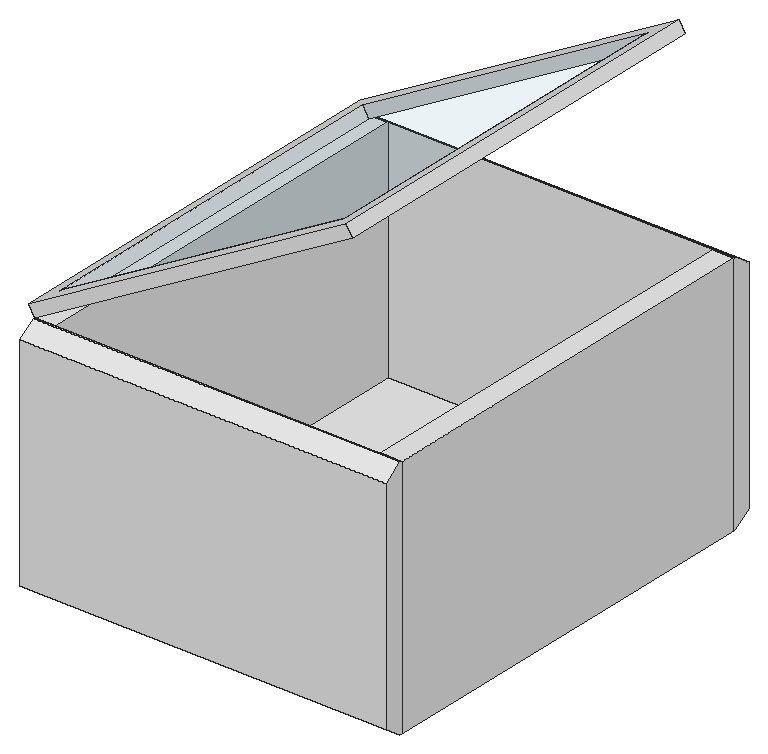
Revit family "Domotics-NetworkCabling-GEWISS-CABINETS_WALL-MOUNTED_19_15U_D400", category Apparecchi elettrici, host Superficie, Revit 2019
Family settings
  Host = Superficie
  Mantenere orientamento annotazione = Sì
  Quota connettore circolare = Usa diametro
  Tipo di parte = Normale
  Taglio con vuoti quando caricato = No
  Condiviso = No
  Punto di calcolo locali = Sì
Parameters (values of type "GW38409 - WALL CABINET 19 15U DEPTH 400MM.")
  simbolo in pianta [instance] = yes
  Visibilità sportello [instance] = yes
  Version file RFA = "21.2"
  URL = "https://www.gewiss.com/ww/en"
  Type of door = "Reversible"
  Technical sheet = "https://www.gewiss.com/ww/en/search?q=GW38409"
  Static load capacity = "50KG"
  SEO = "Board"
  Realized by GEWISS S.p.A. = ""
  Default Elevation = 1219.2 mm
  Produttore = "GEWISS S.p.A."
  Outer dim. LxHxD (mm) = "600x740x400"
  Nome quadro [instance] = "n.quadro"
  No. uprights = "2"
  Modello = "GW38409"
  Material = "Steel"
  Immagine tipo = B.jpg
  IP degree = "IP20"
  IDT = "17dd06d31ede436fa0e8bbddfc93c58c"
  IDF = "55c4b468-054b-4f90-869b-38dce4cb9adc"
  Finishing = "Textured"
  Electrocod = "3752"
  Door opening = "180°"
  Distanza_x [instance] = -380.34 mm
  Distanza simbolo [instance] = 0.5 mm
  Distanza effettiva x [instance] = 1000 mm - Distanza_x  # 1380.34 mm
  Descrizione = "WALL CABINET 19 15U DEPTH 400MM."
  Depth (mm) = "400 mm"
  Colour = "Grey (RAL 7035)"
  Category = "19” wall-mount cabinet"
  Catalogue = "DOMOTICS"
  Cabling unity = "15 U"
  COBie.Tagnumber = ""
  COBie.CreatedOn = ""
  COBie.CreatebBy = ""
  COBie.ComponentRegisterItemID = ""
  COBie.Component.TagNumber = ""
  COBie.Component.Space = ""
  COBie.Component.SerialNumber = ""
  COBie.Component.InstallationDate = ""
  COBie.Component.Description = ""
  COBie.Component.BarCode = ""
  Apertura [instance] = 30.00°
Reference planes
  plane 1 "Centro (Fronte/Retro)": y = 0
  plane 2: z = 0
  plane 3 "Centro (Sinistra/Destra)": x = 0
  plane 4: x = -1380.34
  plane 5: x = 0
Forms (mm)
  Extrusion 1, solid, detail levels coarse
    sketch origin (0, 0, 0) x (1, 0, 0) y (0, 1, 0)
      loop
        line (-10, -4.25) -> (600, -4.25) -> (600, 744) -> (-10, 744) -> (-10, -4.25)
    from 0 to 400
Dimensions and locks
  plane 4 to plane 3 "Centro (Sinistra/Destra)" = 1380.34 mm
  "Distanza effettiva x": plane 4 to plane 5
  aligned and locked: host face to plane 2
  aligned and locked: host face to level
  aligned and locked: nested 1 to plane 5
  aligned and locked: plane 3 "Centro (Sinistra/Destra)" to nested 2
  aligned and locked: plane 1 "Centro (Fronte/Retro)" to nested 2
  aligned and locked: Extrusion 1 sketch curve to nested 2  (x4)
  aligned and locked: Extrusion 1 to nested 2
Automatic sketch dimensions
  host sketch curve to host sketch curve = 3398.537 mm
  host sketch curve to host sketch curve = 3619.2 mm
Nested families
  nested 1: "DATACENTERsimbolo" at (0, 911.19, 0), Distanza dal muro <- "Distanza simbolo", SIMBOLO ACCESO <- "simbolo in pianta", visible <- "simbolo in pianta", type "3P"
    with SIMBOLO ACCESO yes, Distanza dal muro 0.5 mm
  nested 2: "QUADRO DA PARETE 19 15U P_400MM_base" at (0, 0, 0), Visibilità sportello <- "Visibilità sportello", type "QUADRO DA PARETE 19 15U P_400MM_base", detail levels medium+fine
Definition of nested family "QUADRO DA PARETE 19 15U P_400MM_base"
  Parameters (values of type "QUADRO DA PARETE 19 15U P_400MM_base")
    s = 30.00°
    d_piano = 0 mm
    Visibilità sportello [instance] = yes
    Vetro = none
    Struttura = none
    Sportlello = none
    Profondità quadro = 400 mm  # constant formula
    Larghezza quadro = 600 mm  # constant formula
    Altezza quadro = 740 mm  # constant formula
  Reference planes
    plane 1 "Centro (Fronte/Retro)": y = 0
    plane 2: z = 0
    plane 3 "Centro (Sinistra/Destra)": x = 0
    plane 4: z = 0
    plane 5: z = 26
    plane 6: z = 376
    plane 7: z = 400
    plane 8 "posizione": y = 30
    plane 9: y = 710
    plane 10: y = 740
    plane 11: x = 600
    plane 12: x = 34
    plane 13: x = 566
    plane 14: y = -4.25
    plane 15: y = 744
    plane 16: z = 375.1
    plane 17: z = 345.6
    plane 18: x = 69.137
    plane 19: z = 57.064
    plane 20: z = 555.625
  Forms (mm)
    Extrusion 1, solid, material <- "Struttura"
      sketch origin (0, 0, 0) x (0, 1, 0) y (0, 0, 1)
        loop
          line (30, 400) -> (30, 0) -> (710, 0) -> (710, 400) -> (30, 400)
      from 0 to 34
    Extrusion 2, solid, material <- "Struttura"
      sketch origin (612, 0, 0) x (0, 1, 0) y (0, 0, -1)
        loop
          line (30, -400) -> (710, -400) -> (710, 0) -> (30, 0) -> (30, -400)
      from 12 to 46
    Extrusion 3, solid, material <- "Struttura"
      sketch origin (0, 0, 0) x (0, 1, 0) y (0, 0, 1)
        loop
          line (30, 0) -> (30, 400) -> (27.558, 400) -> (0, 380.704) -> (0, 19.296) -> (27.558, 0) -> (30, 0)
        loop
          line (710, 0) -> (712.442, 0) -> (740, 19.296) -> (740, 380.704) -> (712.442, 400) -> (710, 400) -> (710, 0)
      from 0 to 600
    Extrusion 4, solid, material <- "Struttura"
      sketch origin (0, 0, 0) x (1, 0, 0) y (0, 1, 0)
        loop
          line (34, 710) -> (34, 30) -> (566, 30) -> (566, 710) -> (34, 710)
      from 0 to 26
    Extrusion 5, solid, material <- "Sportlello", visible <- "Visibilità sportello"
      sketch origin (731.334, 0, 822.236) x (-0.866025, 0, -0.5) y (0, -1, 0)
        loop
          line (844.471, -30) -> (244.471, -30) -> (244.471, -710) -> (844.471, -710) -> (844.471, -30)
        loop
          line (274.471, -680) -> (814.471, -680) -> (814.471, -60) -> (274.471, -60) -> (274.471, -680)
      from 0 to 20
    Extrusion 6, solid, material <- "Vetro", visible <- "Visibilità sportello"
      sketch origin (731.334, 0, 822.236) x (-0.866025, 0, -0.5) y (0, -1, 0)
        loop
          line (814.471, -60) -> (274.471, -60) -> (274.471, -680) -> (814.471, -680) -> (814.471, -60)
      from 0 to 20
  Lines and regions (mm)
    reference lines
      curve 1: line (731.334, 0, 822.236) -> (0, 0, 400)
  Dimensions and locks
    locked: plane 5 to plane 4 at 26
    locked: plane 7 to plane 6 at 24
    "Profondità quadro": plane 7 to plane 4
    "d_piano": plane 4 to plane 2
    locked: plane 1 "Centro (Fronte/Retro)" to plane 8 "posizione" at 30
    locked: plane 9 to plane 10 at 30
    "Altezza quadro": plane 1 "Centro (Fronte/Retro)" to plane 10
    "Larghezza quadro": plane 3 "Centro (Sinistra/Destra)" to plane 11
    locked: plane 3 "Centro (Sinistra/Destra)" to plane 12 at 34
    locked: plane 13 to plane 11 at 34
    plane 9 to Extrusion 2 = 680 mm
    locked: plane 14 to plane 1 "Centro (Fronte/Retro)" at 4.25
    locked: plane 10 to plane 15 at 4
    locked: plane 17 to plane 16 at 29.5
    locked: plane 16 to plane 7 at 24.9
    locked: plane 19 to plane 5 at 31.064
    plane 3 "Centro (Sinistra/Destra)" to Extrusion 4 = 566 mm
    locked: Extrusion 5 sketch curve to curve 1 at 30
    "Larghezza quadro": Extrusion 5 sketch curve to Extrusion 5 sketch curve
    locked: Extrusion 5 sketch curve to Extrusion 5 sketch curve at 30  (x4)
    "s": angle plane 7 to curve 1
    aligned and locked: Extrusion 1 sketch curve to plane 7
    aligned and locked: Extrusion 1 sketch curve to plane 4
    aligned and locked: Extrusion 1 sketch curve to plane 8 "posizione"
    aligned and locked: Extrusion 1 sketch curve to plane 9
    aligned and locked: Extrusion 1 to plane 3 "Centro (Sinistra/Destra)"
    aligned and locked: plane 12 to Extrusion 1
    aligned and locked: plane 13 to Extrusion 2
    aligned and locked: Extrusion 2 to plane 11
    aligned and locked: Extrusion 2 to plane 4
    aligned and locked: plane 7 to Extrusion 2
    aligned and locked: Extrusion 3 sketch curve to plane 8 "posizione"
    aligned and locked: Extrusion 3 sketch curve to plane 7  (x2)
    aligned and locked: Extrusion 3 sketch curve to plane 1 "Centro (Fronte/Retro)"
    aligned and locked: Extrusion 3 sketch curve to plane 10
    aligned and locked: Extrusion 3 sketch curve to plane 9
    aligned and locked: Extrusion 3 sketch curve to plane 4
    aligned and locked: Extrusion 3 to plane 3 "Centro (Sinistra/Destra)"
    aligned and locked: Extrusion 3 to plane 11
    aligned and locked: Extrusion 4 sketch curve to plane 12
    aligned and locked: Extrusion 4 sketch curve to plane 9
    aligned and locked: Extrusion 4 sketch curve to plane 8 "posizione"
    aligned and locked: Extrusion 4 sketch curve to plane 13
    aligned and locked: plane 5 to Extrusion 4
    aligned and locked: Extrusion 4 to plane 4
    aligned and locked: curve 1 to Extrusion 3
    aligned and locked: Extrusion 6 sketch curve to Extrusion 5  (x3)
    aligned and locked: Extrusion 5 sketch curve to Extrusion 3
  Automatic sketch dimensions
    plane 7 to Extrusion 2 sketch curve = 0 mm
    Extrusion 2 sketch curve to plane 8 "posizione" = 0 mm
    Extrusion 2 sketch curve to plane 4 = 0 mm
    Extrusion 2 sketch curve to plane 9 = 0 mm
    plane 8 "posizione" to Extrusion 3 sketch curve = 2.442 mm  (x2)
    Extrusion 3 sketch curve to plane 9 = 2.442 mm  (x2)
    Extrusion 3 sketch curve to plane 5 = 6.704 mm  (x2)
    plane 6 to Extrusion 3 sketch curve = 4.704 mm  (x2)
    Extrusion 3 sketch curve to plane 4 = 0 mm
    Extrusion 6 sketch curve to curve 1 = 30 mm
    Extrusion 5 sketch curve to curve 1 = 0 mm
    curve 1 to plane 3 "Centro (Sinistra/Destra)" = 0 mm
    curve 1 to plane 7 = 0 mm
Definition of nested family "DATACENTERsimbolo"
  Parameters (values of type "3P")
    SIMBOLO ACCESO [instance] = yes
    Distanza dal muro [instance] = 0 mm
  Reference planes
    plane 1: y = 0
    plane 2: x = 0
  Dimensions and locks
    "Distanza dal muro": plane 1 to nested 1
    aligned and locked: plane 2 to nested 1
  Nested families
    nested 1: "DATACENTERsimbolo.base" at (0, 0, 0), type "3P"
      with CORNICE SIMBOLO yes
  Definition of nested family "DATACENTERsimbolo.base"
    Parameters (values of type "3P")
      Testo = ""
      CORNICE SIMBOLO [instance] = yes
      3P = yes
    Reference planes
      plane 1: y = 0
      plane 2: x = 0
    Lines and regions (mm)
      detail lines
        curve 1: line (6.852, 3.426, 0) -> (8.859, 3.426, 0)
        curve 2: line (8.859, 3.426, 0) -> (8.859, 0, 0)
        curve 3: line (8.859, 0, 0) -> (6.852, 0, 0)
        curve 4: line (6.852, 0, 0) -> (0, 3.426, 0)
        curve 5: line (0, 3.426, 0) -> (3.027, 3.426, 0)
        curve 6: line (3.027, 3.426, 0) -> (6.852, 3.426, 0)
        curve 7: line (6.852, 3.426, 0) -> (6.852, 0, 0)
        curve 8: line (6.852, 0, 0) -> (0, 0, 0)
        curve 9: line (0, 0, 0) -> (0, 3.426, 0)
        curve 10: line (7.856, 1.713, 0) -> (7.856, 2.67, 0)
        curve 11: line (8.526, 0.756, 0) -> (8.526, 1.713, 0)
        curve 12: line (8.526, 1.713, 0) -> (7.185, 1.713, 0)
        curve 13: line (7.185, 1.713, 0) -> (7.185, 0.756, 0)
    Text (mm)
      label "RJ" at (7.87, 1.29, 0), shows "Testo"
    Nested families
      nested 1: "testo_simb" at (7.89, 1.134, 0), type "3P"
        with SIMBOLO ACCESO yes, Distanza dal muro 0 mm
      nested 2: "testo_simb" at (7.855, 0, 0), type "3P"
        with SIMBOLO ACCESO yes, Distanza dal muro 0 mm
      nested 3: "testo_simb" at (7.855, 0, 0), type "3P"
        with SIMBOLO ACCESO yes, Distanza dal muro 0 mm
      nested 4: "testo_simb" at (7.855, 0, 0), type "3P"
        with SIMBOLO ACCESO yes, Distanza dal muro 0 mm
      nested 5: "testo_simb" at (7.855, 0, 0), type "3P"
        with SIMBOLO ACCESO yes, Distanza dal muro 0 mm
    Definition of nested family "testo_simb"
      Parameters (values of type "3P")
        testo simb = ""
        SIMBOLO ACCESO [instance] = yes
        Distanza dal muro [instance] = 0 mm
      Reference planes
        plane 1: y = 0
        plane 2: x = 0
      Text (mm)
        label "RJ" at (0.02, 0.123, 0), shows "testo simb"
